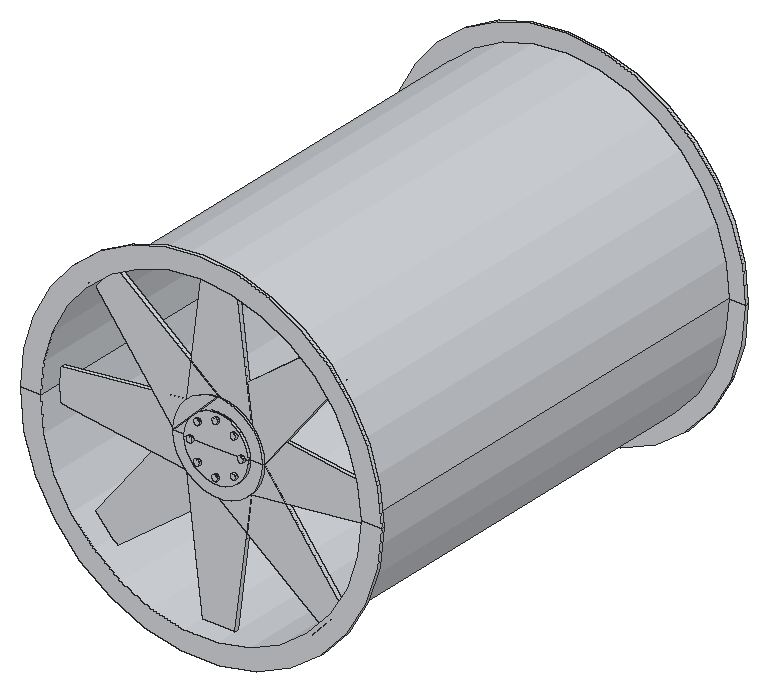
Revit family "CADS_Vent-Axia_MechEquip_Fan_BIFA_560_3Ph4P - EXTRACT", category Mechanical Equipment, Revit 2020
Family settings
  Round Connector Dimension = Use Diameter
  Part Type = Normal
  OmniClass Number = 23.75.00.00
  OmniClass Title = Climate Control (HVAC)
  Work Plane-Based = No
  Always vertical = Yes
  Cut with Voids When Loaded = No
  Shared = No
  Room Calculation Point = No
Parameters (values of type "BIFA563440")
  WorkingPressure = 0.0 Pa
  WarrantyStartDate [instance] = "1900-12-31T23:59:59"
  WarrantyPeriod = ""
  WarrantyIdentifier = "N/A"
  WarrantyGuarantorParts = "tech@vent-axia.com"
  WarrantyGuarantorLabor = "tech@vent-axia.com"
  WarrantyGuarantor = "Vent-Axia Limited"
  WarrantyEndDate [instance] = "1900-12-31T23:59:59"
  WarrantyContent = ""
  TemperatureRange = ""
  TagNumber [instance] = "N/A"
  SustainabilityPerformance = ""
  Status = "New"
  Size = ""
  Shape = ""
  ServiceLifeType = ""
  ServiceLifeDuration = ""
  SerialNumber [instance] = "N/A"
  ReplacementCost = ""
  RatedVoltage = 0 V
  RatedCurrent = 0 A
  Quantity = 1
  ProductionYear = ""
  PressureCurve = ""
  PowerFactor = ""
  PointOfContact = ""
  NumberOfPoles = 0
  NominalWidth = 560 mm
  NominalLength = 800 mm
  NominalHeight = 560 mm
  NominalFrequencyRange = ""
  NominalDiameter = 560 mm
  ModelReference = "BIF 560MM 3PH 4P 40DEG"
  ModelNumber = "BIFA563440"
  Material = ""
  ManufacturerE-Mail = "tech@vent-axia.com"
  ManufacturerAddress = "Fleming Way\nCrawley \nRH10 9YX"
  IsExtendedWarranty = no
  InsulationStandardClass = ""
  InstallationDate [instance] = "1900-12-31T23:59:59"
  IfcExportType [instance] = ""
  IfcExportAs = "IfcFanType"
  IP_Code = ""
  HasProtectiveEarth = no
  GrossWeight = 0.00 kg
  Grade = ""
  GlobalTradeItemNumber [instance] = "N/A"
  Fitting Type = "Ignore"
  Finish = ""
  Features = ""
  ExteriorInsulation = no
  ExpectedServiceLife = 0
  Exclusions = ""
  DurationUnit = "Year"
  Default Elevation = 0 mm
  Constituents = ""
  ConductorFunction = ""
  Color = ""
  CodePerformance = ""
  Category = ""
  CADS_Usage = 0
  CADS_Index = 0
  AssetType = "FIXED"
  AssetIdentifier [instance] = "N/A"
  AssemblyPlace = "UNKNOWN"
  ArticleNumber [instance] = "N/A"
  AirflowRateRange = 0.0 L/s
  Air Flow [instance] = 0.0 L/s
  AccessibilityPerformance = ""
Types (16, lengths in mm): name | ModelReference | ModelNumber
  BIFA563410 | "BIF 560MM 3PH 4P 10DEG" | "BIFA563410"
  BIFA563412 | "BIF 560MM 3PH 4P 12DEG" | "BIFA563412"
  BIFA563414 | "BIF 560MM 3PH 4P 14DEG" | "BIFA563414"
  BIFA563416 | "BIF 560MM 3PH 4P 16DEG" | "BIFA563416"
  BIFA563418 | "BIF 560MM 3PH 4P 18DEG" | "BIFA563418"
  BIFA563420 | "BIF 560MM 3PH 4P 20DEG" | "BIFA563420"
  BIFA563422 | "BIF 560MM 3PH 4P 22DEG" | "BIFA563422"
  BIFA563424 | "BIF 560MM 3PH 4P 24DEG" | "BIFA563424"
  BIFA563426 | "BIF 560MM 3PH 4P 26DEG" | "BIFA563426"
  BIFA563428 | "BIF 560MM 3PH 4P 28DEG" | "BIFA563428"
  BIFA563430 | "BIF 560MM 3PH 4P 30DEG" | "BIFA563430"
  BIFA563432 | "BIF 560MM 3PH 4P 32DEG" | "BIFA563432"
  BIFA563434 | "BIF 560MM 3PH 4P 34DEG" | "BIFA563434"
  BIFA563436 | "BIF 560MM 3PH 4P 36DEG" | "BIFA563436"
  BIFA563438 | "BIF 560MM 3PH 4P 38DEG" | "BIFA563438"
  BIFA563440 | "BIF 560MM 3PH 4P 40DEG" | "BIFA563440"
Reference planes
  plane 1 "Center (Front/Back)": y = 0
  plane 2: z = 0
  plane 3 "Center (Left/Right)": x = 0
  plane 4: x = -280
  plane 5: x = 280
  plane 6 "F": y = -400
  plane 7 "B": y = 400
  plane 8: x = -315
  plane 9: y = 395
  plane 10: y = -395
  plane 11: x = -285
  plane 12: y = -360
Forms (mm)
  Revolve 1, solid
    sketch origin (0, 0, 0) x (1, 0, 0) y (0, 1, 0)
      loop
        line (-315, -400) -> (-280, -400) -> (-280, 400) -> (-315, 400) -> (-315, 395) -> (-285, 395) -> (-285, -395) -> (-315, -395) -> (-315, -400)
      axis (0, 400) -> (0, -400)
    angle from 0 to 360
Dimensions and locks
  equal spacing: plane 4, plane 3 "Center (Left/Right)", plane 5
  equal spacing: plane 7 "B", plane 1 "Center (Front/Back)", plane 6 "F"
  "NominalLength": plane 7 "B" to plane 6 "F"
  "NominalDiameter": plane 4 to plane 5
  locked: plane 11 to plane 4 at 5
  locked: plane 8 to plane 11 at 30
  locked: plane 6 "F" to plane 10 at 5
  locked: plane 7 "B" to plane 9 at 5
  locked: plane 6 "F" to plane 12 at 40
  aligned and locked: level to plane 2
  aligned and locked: nested 1 to plane 12
Automatic sketch dimensions
  plane 6 "F" to Revolve 1 sketch curve = 0 mm
  Revolve 1 sketch curve to plane 8 = 0 mm  (x2)
  plane 10 to Revolve 1 sketch curve = 0 mm
  Revolve 1 sketch curve to plane 11 = 0 mm
  Revolve 1 sketch curve to plane 4 = 0 mm
  Revolve 1 sketch curve to plane 3 "Center (Left/Right)" = 0 mm
  plane 1 "Center (Front/Back)" to Revolve 1 sketch curve = 0 mm
  Revolve 1 sketch curve to plane 9 = 0 mm
  Revolve 1 sketch curve to plane 7 "B" = 0 mm
  plane 6 "F" to Revolve 1 sketch curve = 115 mm
Nested families
  nested 1: "Fan for BIFA" at (0, -360, 0), ND <- "NominalDiameter", type "Fan for BIFA"
    with hub 56 mm, ND 560 mm, BoltPCD 44.8 mm, Bolt Count 8, B_Diam 10 mm
  nested 2: "Bolts" at (0, -369.172, -44.8) x (-1, 0, 0) z (0, 1, 0), type "Bolts"
    with bd 10 mm
  nested 3: "Bolts" at (-31.678, -369.172, -31.678) x (-0.7071, 0, 0.7071) z (0, 1, 0), type "Bolts"
    with bd 10 mm
  nested 4: "Bolts" at (-44.8, -369.172, 0) x (0, 0, 1) z (0, 1, 0), type "Bolts"
    with bd 10 mm
  nested 5: "Bolts" at (-31.678, -369.172, 31.678) x (0.7071, 0, 0.7071) z (0, 1, 0), type "Bolts"
    with bd 10 mm
  nested 6: "Bolts" at (31.678, -369.172, 31.678) x (0.7071, 0, -0.7071) z (0, 1, 0), type "Bolts"
    with bd 10 mm
  nested 7: "Bolts" at (0, -369.172, 44.8) x (1, 0, 0) z (0, 1, 0), type "Bolts"
    with bd 10 mm
  nested 8: "BIFA Blade" at (0, -360, 0), type "BIFA Blade"
    with a 20.00°, HR 56 mm, HD 112 mm, BT 56 mm, BR 224 mm, BH 40 mm, BD 560 mm, BB 112 mm
  nested 9: "BIFA Blade" at (0, -360, 0) x (0.7071, 0, -0.7071) z (0.7071, 0, 0.7071), type "BIFA Blade"
    with a 20.00°, HR 56 mm, HD 112 mm, BT 56 mm, BR 224 mm, BH 40 mm, BD 560 mm, BB 112 mm
  nested 10: "BIFA Blade" at (0, -360, 0) x (0, 0, -1) z (1, 0, 0), type "BIFA Blade"
    with a 20.00°, HR 56 mm, HD 112 mm, BT 56 mm, BR 224 mm, BH 40 mm, BD 560 mm, BB 112 mm
  nested 11: "BIFA Blade" at (0, -360, 0) x (-0.7071, 0, -0.7071) z (0.7071, 0, -0.7071), type "BIFA Blade"
    with a 20.00°, HR 56 mm, HD 112 mm, BT 56 mm, BR 224 mm, BH 40 mm, BD 560 mm, BB 112 mm
  nested 12: "BIFA Blade" at (0, -360, 0) x (-1, 0, 0) z (0, 0, -1), type "BIFA Blade"
    with a 20.00°, HR 56 mm, HD 112 mm, BT 56 mm, BR 224 mm, BH 40 mm, BD 560 mm, BB 112 mm
  nested 13: "BIFA Blade" at (0, -360, 0) x (-0.7071, 0, -0.7071) z (-0.7071, 0, 0.7071), type "BIFA Blade"
    with a 20.00°, HR 56 mm, HD 112 mm, BT 56 mm, BR 224 mm, BH 40 mm, BD 560 mm, BB 112 mm
  nested 14: "BIFA Blade" at (0, -360, 0) x (0, 0, -1) z (-1, 0, 0), type "BIFA Blade"
    with a 20.00°, HR 56 mm, HD 112 mm, BT 56 mm, BR 224 mm, BH 40 mm, BD 560 mm, BB 112 mm
  nested 15: "BIFA Blade" at (0, -360, 0) x (0.7071, 0, -0.7071) z (-0.7071, 0, -0.7071), type "BIFA Blade"
    with a 20.00°, HR 56 mm, HD 112 mm, BT 56 mm, BR 224 mm, BH 40 mm, BD 560 mm, BB 112 mm
  nested 16: "Bolts" at (44.8, -369.172, 0) x (0, 0, -1) z (0, 1, 0), type "Bolts"
    with bd 10 mm
  nested 17: "Bolts" at (31.678, -369.172, -31.678) x (-0.7071, 0, -0.7071) z (0, 1, 0), type "Bolts"
    with bd 10 mm
Connectors
  hvac at (0, -400, 0), driven by "NominalDiameter", driven by "Air Flow"
    settings: on Revolve 1, index 1, duct flow 0.0 L/s, flow factor 0, pres drop 0.0 Pa, loss coef 0, conn angle 0.00°, conn width 304.8 mm, conn height 304.8 mm, conn diameter 560 mm, duct sys type 2, conn prof type 0, flow config 0, flow direction 1, loss method 0, conn ref index -1, conn util no, is conn primary yes, conn desc ""
  hvac at (0, 400, 0), driven by "NominalDiameter", driven by "Air Flow"
    settings: on Revolve 1, index 2, duct flow 0.0 L/s, flow factor 0, pres drop 0.0 Pa, loss coef 0, conn angle 0.00°, conn width 304.8 mm, conn height 304.8 mm, conn diameter 560 mm, duct sys type 3, conn prof type 0, flow config 1, flow direction 2, loss method 0, conn ref index -1, conn util no, is conn primary no, conn desc ""
Definition of nested family "Fan for BIFA"
  Parameters (values of type "Fan for BIFA")
    hub [instance] = ND / 10  # 50 mm
    ND [instance] = 500 mm
    Model = "."
    Default Elevation = 0 mm
    BoltPCD [instance] = hub - (hub * 0.2)  # 40 mm
    Bolt Count [instance] = if(hub < 50 mm, 6, 8)  # 8
    B_Diam [instance] = if(hub < 50 mm, 5 mm, 10 mm)  # 10 mm
  Reference planes
    plane 1 "Center (Front/Back)": y = 0
    plane 2: z = 0
    plane 3 "Center (Left/Right)": x = 0
    plane 4 "back": y = 20
    plane 5 "bolts": y = -9.172
    plane 6 "B": z = 50
    plane 7: x = -72.587
    plane 8: x = -50
    plane 9 "hubface": y = -6.172
  Forms (mm)
    Revolve 1, solid
      sketch origin (0, 0, 0) x (1, 0, 0) y (0, 1, 0)
        loop
          line (0, 20) -> (-50, 20) -> (-50, 10.504) -> (-72.587, 10.504) -> (-72.587, -2.597) -> (-50, -2.597) -> (-50, -6.172) -> (0, -6.172) -> (0, 20)
        axis (0, 20) -> (0, -6.172)
      angle from 0 to 360
    Extrusion 2, solid, not visible
      sketch origin (0, -6.347, -4) x (-1, 0, 0) y (0, 0, 1)
        loop
          circle (0, 84) r 5
      from 0 to 3
  Lines and regions (mm)
    symbolic lines
      curve 1: circle (0, -9.172, 0) r 40 normal (0, 1, 0)
    model lines, not visible
      curve 2: line (0, -6.347, 85) -> (0, -6.347, 75)
  Dimensions and locks
    "hub": plane 6 "B" to plane 2
    "hub": nested 3 to plane 3 "Center (Left/Right)"
    "hub": nested 4 to plane 3 "Center (Left/Right)"
    "hub": nested 5 to plane 3 "Center (Left/Right)"
    "hub": plane 3 "Center (Left/Right)" to nested 6
    "hub": Revolve 1 sketch curve to Revolve 1 sketch curve
    "hub": plane 3 "Center (Left/Right)" to nested 7
    "hub": plane 3 "Center (Left/Right)" to nested 8
    "hub": plane 3 "Center (Left/Right)" to nested 9
    "hub": plane 8 to plane 3 "Center (Left/Right)"
    plane 7 to plane 8 = 22.587 mm
    diameter of Extrusion 2 sketch curve = 10 mm
    "BoltPCD": radius of curve 1
    "BoltPCD": radius of radial array
    aligned and locked: level to plane 2
    aligned and locked: plane 6 "B" to nested 1
  Automatic sketch dimensions
    Revolve 1 sketch curve to plane 7 = 0 mm
    Revolve 1 sketch curve to plane 8 = 0 mm  (x2)
    Revolve 1 sketch curve to plane 3 "Center (Left/Right)" = 0 mm
    Revolve 1 sketch curve to plane 9 "hubface" = 0 mm
    plane 4 "back" to Revolve 1 sketch curve = 0 mm
    plane 1 "Center (Front/Back)" to Revolve 1 sketch curve = 2.597 mm
    plane 4 "back" to Revolve 1 sketch curve = 9.496 mm
    plane 4 "back" to Revolve 1 sketch curve = 5 mm
    Revolve 1 sketch curve to Revolve 1 sketch curve = 45 mm
    curve 1 to level = 0 mm
    curve 1 to plane 3 "Center (Left/Right)" = 0 mm
  Nested families
    nested 1: "BIFA Blade" at (0, 0, 25), BD <- "ND", HD <- "hub", type "BIFA Blade"
      with a 20.00°, HR 25 mm, HD 50 mm, BT 25 mm, BR 100 mm, BH 40 mm, BD 250 mm, BB 50 mm
    nested 2: "BIFA Blade" at (0, 0, 55), BD <- "ND", HD <- "hub", type "BIFA Blade", not visible
      with a 20.00°, HR 25 mm, HD 50 mm, BT 25 mm, BR 100 mm, BH 40 mm, BD 250 mm, BB 50 mm
    nested 3: "BIFA Blade" at (17.678, 0, 17.678) x (0.7071, 0, -0.7071) z (0.7071, 0, 0.7071), BD <- "ND", HD <- "hub", type "BIFA Blade"
      with a 20.00°, HR 25 mm, HD 50 mm, BT 25 mm, BR 100 mm, BH 40 mm, BD 250 mm, BB 50 mm
    nested 4: "BIFA Blade" at (25, 0, 0) x (0, 0, -1) z (1, 0, 0), BD <- "ND", HD <- "hub", type "BIFA Blade"
      with a 20.00°, HR 25 mm, HD 50 mm, BT 25 mm, BR 100 mm, BH 40 mm, BD 250 mm, BB 50 mm
    nested 5: "BIFA Blade" at (17.678, 0, -17.678) x (-0.7071, 0, -0.7071) z (0.7071, 0, -0.7071), BD <- "ND", HD <- "hub", type "BIFA Blade"
      with a 20.00°, HR 25 mm, HD 50 mm, BT 25 mm, BR 100 mm, BH 40 mm, BD 250 mm, BB 50 mm
    nested 6: "BIFA Blade" at (0, 0, -25) x (-1, 0, 0) z (0, 0, -1), BD <- "ND", HD <- "hub", type "BIFA Blade"
      with a 20.00°, HR 25 mm, HD 50 mm, BT 25 mm, BR 100 mm, BH 40 mm, BD 250 mm, BB 50 mm
    nested 7: "BIFA Blade" at (-17.678, 0, 17.678) x (-0.7071, 0, -0.7071) z (-0.7071, 0, 0.7071), BD <- "ND", HD <- "hub", type "BIFA Blade"
      with a 20.00°, HR 25 mm, HD 50 mm, BT 25 mm, BR 100 mm, BH 40 mm, BD 250 mm, BB 50 mm
    nested 8: "BIFA Blade" at (-25, 0, 0) x (0, 0, -1) z (-1, 0, 0), BD <- "ND", HD <- "hub", type "BIFA Blade"
      with a 20.00°, HR 25 mm, HD 50 mm, BT 25 mm, BR 100 mm, BH 40 mm, BD 250 mm, BB 50 mm
    nested 9: "BIFA Blade" at (-17.678, 0, -17.678) x (0.7071, 0, -0.7071) z (-0.7071, 0, -0.7071), BD <- "ND", HD <- "hub", type "BIFA Blade"
      with a 20.00°, HR 25 mm, HD 50 mm, BT 25 mm, BR 100 mm, BH 40 mm, BD 250 mm, BB 50 mm
    nested 10: "Bolts" at (0, -9.172, 40) x (1, 0, 0) z (0, 1, 0), bd <- "B_Diam", type "Bolts"
      with bd 10 mm
    nested 11: "Bolts" at (28.284, -9.172, 28.284) x (0.7071, 0, -0.7071) z (0, 1, 0), bd <- "B_Diam", type "Bolts"
      with bd 10 mm
    nested 12: "Bolts" at (-28.284, -9.172, 28.284) x (0.7071, 0, 0.7071) z (0, 1, 0), bd <- "B_Diam", type "Bolts"
      with bd 10 mm
    nested 13: "Bolts" at (-40, -9.172, 0) x (0, 0, 1) z (0, 1, 0), bd <- "B_Diam", type "Bolts"
      with bd 10 mm
    nested 14: "Bolts" at (-28.284, -9.172, -28.284) x (-0.7071, 0, 0.7071) z (0, 1, 0), bd <- "B_Diam", type "Bolts"
      with bd 10 mm
    nested 15: "Bolts" at (0, -9.172, -40) x (-1, 0, 0) z (0, 1, 0), bd <- "B_Diam", type "Bolts"
      with bd 10 mm
    nested 16: "Bolts" at (28.284, -9.172, -28.284) x (-0.7071, 0, -0.7071) z (0, 1, 0), bd <- "B_Diam", type "Bolts"
      with bd 10 mm
    nested 17: "Bolts" at (40, -9.172, 0) x (0, 0, -1) z (0, 1, 0), bd <- "B_Diam", type "Bolts"
      with bd 10 mm
  Definition of nested family "BIFA Blade"
    Parameters (values of type "BIFA Blade")
      a [instance] = 20.00°
      HR [instance] = HD / 2  # 30 mm
      HD [instance] = BD / 5  # 60 mm
      Default Elevation = 1219.2 mm
      BT [instance] = BD / 10  # 30 mm
      BR [instance] = (BD / 2) - HR  # 120 mm
      BH [instance] = 40 mm
      BD [instance] = 300 mm
      BB [instance] = BD / 5  # 60 mm
    Reference planes
      plane 1 "Center (Front/Back)": y = 0
      plane 2: z = 0
      plane 3 "Center (Left/Right)": x = 0
      plane 4 "Blade Bot": z = 30
      plane 5: x = -30
      plane 6: x = 30
      plane 7: x = -15
      plane 8: x = 15
    Forms (mm)
      Blend 1, solid
        base sketch origin (0, 0, 30) x (-1, 0, 0) y (0, -1, 0)
          loop
            line (30, 0) -> (-30, 0) -> (-30, -6) -> (30, -6) -> (30, 0)
        top sketch origin (0, 0, 30) x (-1, 0, 0) y (0, -1, 0)
          loop
            line (15, -6) -> (15, 0) -> (-15, 0) -> (-15, -6) -> (15, -6)
        from 0 to 120 <- "BR"
    Dimensions and locks
      "HR": plane 4 "Blade Bot" to level
      equal spacing: plane 8, plane 3 "Center (Left/Right)", plane 7
      "BT": plane 8 to plane 7
      equal spacing: plane 6, plane 3 "Center (Left/Right)", plane 5
      "BB": plane 6 to plane 5
      aligned and locked: level to plane 2
    Automatic sketch dimensions
      plane 1 "Center (Front/Back)" to Blend 1 sketch curve = 0 mm  (x2)
      Blend 1 sketch curve to plane 6 = 0 mm
      Blend 1 sketch curve to plane 5 = 0 mm
      Blend 1 sketch curve to plane 1 "Center (Front/Back)" = 6 mm  (x2)
      Blend 1 sketch curve to plane 8 = 0 mm
      Blend 1 sketch curve to plane 7 = 0 mm
  Definition of nested family "Bolts"
    Parameters
      bd [instance] = 10 mm
      Default Elevation = 1219.2 mm
    Reference planes
      plane 1 "Center (Front/Back)": y = 0
      plane 2: z = 0
      plane 3 "Center (Left/Right)": x = 0
    Forms (mm)
      Extrusion 1, solid
        sketch origin (0, 0, 0) x (1, 0, 0) y (0, 1, 0)
          loop
            line (-1219.2, 1219.2) -> (-1219.2, -1219.2) -> (1219.2, -1219.2) -> (1219.2, 1219.2) -> (-1219.2, 1219.2)
        from 0 to -304.8
      Extrusion 2, solid
        sketch origin (0, 0, 0) x (1, 0, 0) y (0, 1, 0)
          loop
            circle (0, 0) r 5
        from 0 to 3
    Dimensions and locks
      "bd": diameter of Extrusion 2 sketch curve
      aligned and locked: plane 2 to Extrusion 1
      aligned and locked: level to Extrusion 1
    Automatic sketch dimensions
      Extrusion 1 sketch curve to Extrusion 1 sketch curve = 2438.4 mm  (x2)
      plane 1 "Center (Front/Back)" to Extrusion 2 sketch curve = 0 mm
      Extrusion 2 sketch curve to plane 3 "Center (Left/Right)" = 0 mm
Definition of nested family "Bolts"
  Parameters
    bd [instance] = 10 mm
    Default Elevation = 1219.2 mm
  Reference planes
    plane 1 "Center (Front/Back)": y = 0
    plane 2: z = 0
    plane 3 "Center (Left/Right)": x = 0
  Forms (mm)
    Extrusion 1, solid
      sketch origin (0, 0, 0) x (1, 0, 0) y (0, 1, 0)
        loop
          line (-1219.2, 1219.2) -> (-1219.2, -1219.2) -> (1219.2, -1219.2) -> (1219.2, 1219.2) -> (-1219.2, 1219.2)
      from 0 to -304.8
    Extrusion 2, solid
      sketch origin (0, 0, 0) x (1, 0, 0) y (0, 1, 0)
        loop
          circle (0, 0) r 5
      from 0 to 3
  Dimensions and locks
    "bd": diameter of Extrusion 2 sketch curve
    aligned and locked: plane 2 to Extrusion 1
    aligned and locked: level to Extrusion 1
  Automatic sketch dimensions
    Extrusion 1 sketch curve to Extrusion 1 sketch curve = 2438.4 mm  (x2)
    plane 1 "Center (Front/Back)" to Extrusion 2 sketch curve = 0 mm
    Extrusion 2 sketch curve to plane 3 "Center (Left/Right)" = 0 mm
Definition of nested family "BIFA Blade"
  Parameters (values of type "BIFA Blade")
    a [instance] = 20.00°
    HR [instance] = HD / 2  # 30 mm
    HD [instance] = BD / 5  # 60 mm
    Default Elevation = 1219.2 mm
    BT [instance] = BD / 10  # 30 mm
    BR [instance] = (BD / 2) - HR  # 120 mm
    BH [instance] = 40 mm
    BD [instance] = 300 mm
    BB [instance] = BD / 5  # 60 mm
  Reference planes
    plane 1 "Center (Front/Back)": y = 0
    plane 2: z = 0
    plane 3 "Center (Left/Right)": x = 0
    plane 4 "Blade Bot": z = 30
    plane 5: x = -30
    plane 6: x = 30
    plane 7: x = -15
    plane 8: x = 15
  Forms (mm)
    Blend 1, solid
      base sketch origin (0, 0, 30) x (-1, 0, 0) y (0, -1, 0)
        loop
          line (30, 0) -> (-30, 0) -> (-30, -6) -> (30, -6) -> (30, 0)
      top sketch origin (0, 0, 30) x (-1, 0, 0) y (0, -1, 0)
        loop
          line (15, -6) -> (15, 0) -> (-15, 0) -> (-15, -6) -> (15, -6)
      from 0 to 120 <- "BR"
  Dimensions and locks
    "HR": plane 4 "Blade Bot" to level
    equal spacing: plane 8, plane 3 "Center (Left/Right)", plane 7
    "BT": plane 8 to plane 7
    equal spacing: plane 6, plane 3 "Center (Left/Right)", plane 5
    "BB": plane 6 to plane 5
    aligned and locked: level to plane 2
  Automatic sketch dimensions
    plane 1 "Center (Front/Back)" to Blend 1 sketch curve = 0 mm  (x2)
    Blend 1 sketch curve to plane 6 = 0 mm
    Blend 1 sketch curve to plane 5 = 0 mm
    Blend 1 sketch curve to plane 1 "Center (Front/Back)" = 6 mm  (x2)
    Blend 1 sketch curve to plane 8 = 0 mm
    Blend 1 sketch curve to plane 7 = 0 mm
